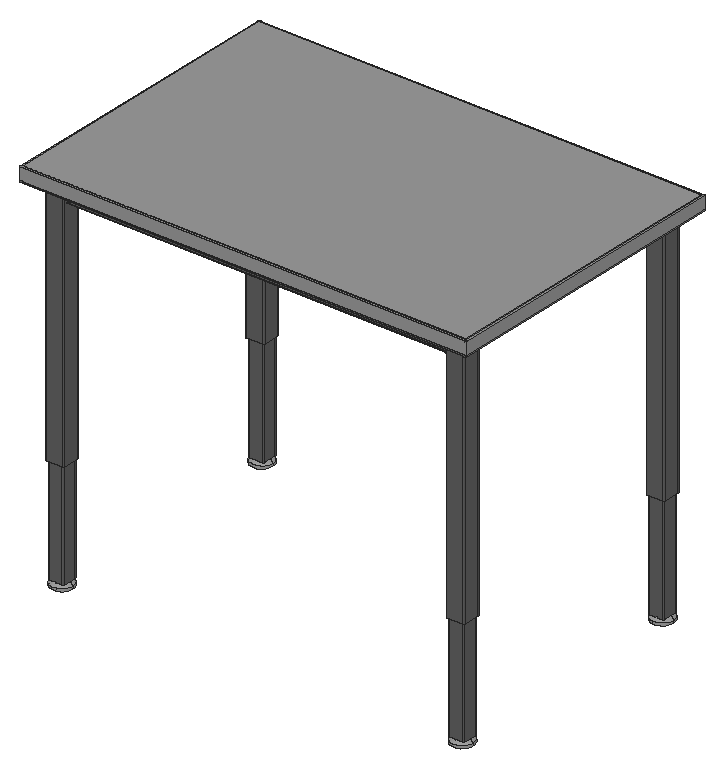
Revit family "Tutor 3624 - Adjustable", category Generic Models, Revit 2018
Family settings
  Can host rebar = No
  Round Connector Dimension = Use Diameter
  Part Type = Normal
  Work Plane-Based = No
  Always vertical = Yes
  Cut with Voids When Loaded = No
  Shared = No
  Room Calculation Point = No
Parameters
  Table Height = 2' - 5"
  Surface = Tutor 3624A Surface
  Frame Finish = Tutor Frame Charcoal
  Edgeband = Tutor 3624A Edgeband
Reference planes (in)
  plane 1 "Center (Front/Back)": y = 0
  plane 2: z = 0
  plane 3 "Center (Left/Right)": x = 0
  plane 4: z = 29
Forms (in)
  Extrusion 1, solid, material "Tutor Frame Charcoal" <- "Frame Finish"
    sketch origin (0, 0, 0) x (1, 0, 0) y (0, 1, 0)
      loop
        arc (-16.51562, 10.625) -> (-16.59296, 10.59296) -> (-16.625, 10.51562) r 0.10937
        line (-16.625, 10.51562) -> (-16.625, 9.48437)
        arc (-16.625, 9.48437) -> (-16.59296, 9.40704) -> (-16.51562, 9.375) r 0.10938
        line (-16.51562, 9.375) -> (-15.48437, 9.375)
        arc (-15.48437, 9.375) -> (-15.40704, 9.40704) -> (-15.375, 9.48437) r 0.10938
        line (-15.375, 9.48437) -> (-15.375, 10.51562)
        arc (-15.375, 10.51562) -> (-15.40704, 10.59296) -> (-15.48437, 10.625) r 0.10938
        line (-15.48437, 10.625) -> (-16.51562, 10.625)
      loop
        line (-16.51562, -10.625) -> (-15.48437, -10.625)
        arc (-15.48437, -10.625) -> (-15.40704, -10.59296) -> (-15.375, -10.51562) r 0.10938
        line (-15.375, -10.51562) -> (-15.375, -9.48437)
        arc (-15.375, -9.48437) -> (-15.40704, -9.40704) -> (-15.48437, -9.375) r 0.10938
        line (-15.48437, -9.375) -> (-16.51562, -9.375)
        arc (-16.51562, -9.375) -> (-16.59296, -9.40704) -> (-16.625, -9.48437) r 0.10938
        line (-16.625, -9.48437) -> (-16.625, -10.51562)
        arc (-16.625, -10.51562) -> (-16.59296, -10.59296) -> (-16.51562, -10.625) r 0.10937
      loop
        line (16.51562, 10.625) -> (15.48437, 10.625)
        arc (15.48437, 10.625) -> (15.40704, 10.59296) -> (15.375, 10.51562) r 0.10938
        line (15.375, 10.51562) -> (15.375, 9.48437)
        arc (15.375, 9.48437) -> (15.40704, 9.40704) -> (15.48437, 9.375) r 0.10938
        line (15.48437, 9.375) -> (16.51562, 9.375)
        arc (16.51562, 9.375) -> (16.59296, 9.40704) -> (16.625, 9.48437) r 0.10938
        line (16.625, 9.48437) -> (16.625, 10.51562)
        arc (16.625, 10.51562) -> (16.59296, 10.59296) -> (16.51562, 10.625) r 0.10937
      loop
        arc (16.51562, -10.625) -> (16.59296, -10.59296) -> (16.625, -10.51562) r 0.10937
        line (16.625, -10.51562) -> (16.625, -9.48437)
        arc (16.625, -9.48437) -> (16.59296, -9.40704) -> (16.51562, -9.375) r 0.10938
        line (16.51562, -9.375) -> (15.48437, -9.375)
        arc (15.48437, -9.375) -> (15.40704, -9.40704) -> (15.375, -9.48437) r 0.10938
        line (15.375, -9.48437) -> (15.375, -10.51562)
        arc (15.375, -10.51562) -> (15.40704, -10.59296) -> (15.48437, -10.625) r 0.10938
        line (15.48437, -10.625) -> (16.51562, -10.625)
    from 0.41992 to 19.41992
  Revolve 2, solid, material "Tutor Glides"
    sketch origin (12, -10, 0) x (1, 0, 0) y (0, 0, 1)
      loop
        line (-28, 0.41992) -> (-28, 0) -> (-27.12763, 0) -> (-27.12763, 0.17255) -> (-27.375, 0.41992) -> (-28, 0.41992)
      axis (-28, 0.41992) -> (-28, 0)
    angle from 0 to 360
  Revolve 3, solid, material "Tutor Glides"
    sketch origin (12, 10, 0) x (1, 0, 0) y (0, 0, -1)
      loop
        line (-28, -0.41992) -> (-27.375, -0.41992) -> (-27.12763, -0.17255) -> (-27.12763, 0) -> (-28, 0) -> (-28, -0.41992)
      axis (-28, -0.41992) -> (-28, 0)
    angle from 0 to 360
  Revolve 4, solid, material "Tutor Glides"
    sketch origin (-12, 10, 0) x (-1, 0, 0) y (0, 0, 1)
      loop
        line (-28, 0.41992) -> (-28, 0) -> (-27.12763, 0) -> (-27.12763, 0.17255) -> (-27.375, 0.41992) -> (-28, 0.41992)
      axis (-28, 0.41992) -> (-28, 0)
    angle from 0 to 360
  Revolve 5, solid, material "Tutor Glides"
    sketch origin (-12, -10, 0) x (-1, 0, 0) y (0, 0, -1)
      loop
        line (-28, -0.41992) -> (-27.375, -0.41992) -> (-27.12763, -0.17255) -> (-27.12763, 0) -> (-28, 0) -> (-28, -0.41992)
      axis (-28, -0.41992) -> (-28, 0)
    angle from 0 to 360
Dimensions and locks (in)
  "Table Height": plane 4 to level
  aligned and locked: plane 2 to level
  aligned and locked: nested 1 to plane 4
Automatic sketch dimensions
  Extrusion 1 sketch curve to plane 1 "Center (Front/Back)" = 0' - 9 31/64"
  Extrusion 1 sketch curve to plane 3 "Center (Left/Right)" = 1' - 4 5/8"
  plane 1 "Center (Front/Back)" to Extrusion 1 sketch curve = 0' - 10 33/64"
  Extrusion 1 sketch curve to Extrusion 1 sketch curve = 0' - 0"  (x3)
  Extrusion 1 sketch curve to Extrusion 1 sketch curve = 0' - 0 7/64"  (x12)
  Extrusion 1 sketch curve to Extrusion 1 sketch curve = 0' - 1 1/32"  (x10)
  plane 1 "Center (Front/Back)" to Extrusion 1 sketch curve = 0' - 9 31/64"
  plane 3 "Center (Left/Right)" to Extrusion 1 sketch curve = 1' - 3 3/8"
  Extrusion 1 sketch curve to Extrusion 1 sketch curve = 0' - 1 9/64"
  Extrusion 1 sketch curve to plane 1 "Center (Front/Back)" = 0' - 9 3/8"
  Revolve 2 sketch curve to level = 0' - 0"
  level to Revolve 2 sketch curve = 0' - 0.41992"
  Revolve 2 sketch curve to plane 3 "Center (Left/Right)" = 1' - 4"
  Revolve 2 sketch curve to Revolve 2 sketch curve = 0' - 0 5/8"
  Revolve 2 sketch curve to Revolve 2 sketch curve = 0' - 0.24737"
  Revolve 2 sketch curve to Revolve 2 sketch curve = 0' - 0.17255"
  Revolve 2 sketch curve to Revolve 2 sketch curve = 0' - 0"  (x2)
  Revolve 2 sketch curve to level = 0' - 0.33008"
  Revolve 3 sketch curve to level = 0' - 0"
  level to Revolve 3 sketch curve = 0' - 0.41992"
  Revolve 3 sketch curve to plane 3 "Center (Left/Right)" = 1' - 4"
  Revolve 3 sketch curve to Revolve 3 sketch curve = 0' - 0 5/8"
  Revolve 3 sketch curve to Revolve 3 sketch curve = 0' - 0.24737"
  Revolve 3 sketch curve to Revolve 3 sketch curve = 0' - 0.17255"
  Revolve 3 sketch curve to Revolve 3 sketch curve = 0' - 0"  (x2)
  Revolve 3 sketch curve to level = 0' - 0.33008"
  Revolve 4 sketch curve to level = 0' - 0"
  level to Revolve 4 sketch curve = 0' - 0.41992"
  plane 3 "Center (Left/Right)" to Revolve 4 sketch curve = 1' - 4"
  Revolve 4 sketch curve to Revolve 4 sketch curve = 0' - 0 5/8"
  Revolve 4 sketch curve to Revolve 4 sketch curve = 0' - 0.24737"
  Revolve 4 sketch curve to Revolve 4 sketch curve = 0' - 0.17255"
  Revolve 4 sketch curve to Revolve 4 sketch curve = 0' - 0"  (x2)
  Revolve 4 sketch curve to level = 0' - 0.33008"
  Revolve 5 sketch curve to level = 0' - 0"
  level to Revolve 5 sketch curve = 0' - 0.41992"
  plane 3 "Center (Left/Right)" to Revolve 5 sketch curve = 1' - 4"
  Revolve 5 sketch curve to Revolve 5 sketch curve = 0' - 0 5/8"
  Revolve 5 sketch curve to Revolve 5 sketch curve = 0' - 0.24737"
  Revolve 5 sketch curve to Revolve 5 sketch curve = 0' - 0.17255"
  Revolve 5 sketch curve to Revolve 5 sketch curve = 0' - 0"  (x2)
  Revolve 5 sketch curve to level = 0' - 0.33008"
Nested families (in)
  nested 1: "Tutor 3624A Top" at (0, 0, -6.54492), type "Tutor 3624A Top"
Definition of nested family "Tutor 3624A Top"
  Parameters (values of type "Tutor 3624A Top")
    Surface = none
    Frame Finish = none
    Edgeband = none
  Reference planes (in)
    plane 1 "Center (Front/Back)": y = 0
    plane 2: z = 0
    plane 3 "Center (Left/Right)": x = 0
  Forms (in)
    Extrusion 1, solid, material <- "Frame Finish"
      sketch origin (0, 0, 0) x (1, 0, 0) y (0, 0, 1)
        loop
          arc (-15.35, 34.29492) -> (-15.27929, 34.32421) -> (-15.25, 34.39492) r 0.1
          line (-15.25, 34.39492) -> (-15.25, 35.44492)
          arc (-15.25, 35.44492) -> (-15.27929, 35.51563) -> (-15.35, 35.54492) r 0.1
          line (-15.35, 35.54492) -> (-16.4, 35.54492)
          arc (-16.4, 35.54492) -> (-16.47071, 35.51563) -> (-16.5, 35.44492) r 0.1
          line (-16.5, 35.44492) -> (-16.5, 34.39492)
          arc (-16.5, 34.39492) -> (-16.47071, 34.32421) -> (-16.4, 34.29492) r 0.1
          line (-16.4, 34.29492) -> (-15.35, 34.29492)
        loop
          line (15.35, 34.29492) -> (16.4, 34.29492)
          arc (16.4, 34.29492) -> (16.47071, 34.32421) -> (16.5, 34.39492) r 0.1
          line (16.5, 34.39492) -> (16.5, 35.44492)
          arc (16.5, 35.44492) -> (16.47071, 35.51563) -> (16.4, 35.54492) r 0.1
          line (16.4, 35.54492) -> (15.35, 35.54492)
          arc (15.35, 35.54492) -> (15.27929, 35.51563) -> (15.25, 35.44492) r 0.1
          line (15.25, 35.44492) -> (15.25, 34.39492)
          arc (15.25, 34.39492) -> (15.27929, 34.32421) -> (15.35, 34.29492) r 0.1
      from -9.25 to 9.25
    Extrusion 2, solid, material <- "Frame Finish"
      sketch origin (0, 0, 0) x (0, 1, 0) y (0, 0, 1)
        loop
          arc (10.4, 34.29492) -> (10.47071, 34.32421) -> (10.5, 34.39492) r 0.1
          line (10.5, 34.39492) -> (10.5, 35.44492)
          arc (10.5, 35.44492) -> (10.47071, 35.51563) -> (10.4, 35.54492) r 0.1
          line (10.4, 35.54492) -> (9.35, 35.54492)
          arc (9.35, 35.54492) -> (9.27929, 35.51563) -> (9.25, 35.44492) r 0.1
          line (9.25, 35.44492) -> (9.25, 34.39492)
          arc (9.25, 34.39492) -> (9.27929, 34.32421) -> (9.35, 34.29492) r 0.1
          line (9.35, 34.29492) -> (10.4, 34.29492)
        loop
          line (-10.4, 34.29492) -> (-9.35, 34.29492)
          arc (-9.35, 34.29492) -> (-9.27929, 34.32421) -> (-9.25, 34.39492) r 0.1
          line (-9.25, 34.39492) -> (-9.25, 35.44492)
          arc (-9.25, 35.44492) -> (-9.27929, 35.51563) -> (-9.35, 35.54492) r 0.1
          line (-9.35, 35.54492) -> (-10.4, 35.54492)
          arc (-10.4, 35.54492) -> (-10.47071, 35.51563) -> (-10.5, 35.44492) r 0.1
          line (-10.5, 35.44492) -> (-10.5, 34.39492)
          arc (-10.5, 34.39492) -> (-10.47071, 34.32421) -> (-10.4, 34.29492) r 0.1
      from -15.25 to 15.25
    Extrusion 3, solid, material <- "Surface"
      sketch origin (0, 0, 0) x (1, 0, 0) y (0, 1, 0)
        loop
          line (17.73189, 11.79339) -> (-17.73189, 11.79339) -> (-17.73189, -11.79339) -> (17.73189, -11.79339) -> (17.73189, 11.79339)
      from 35.54492 to 36.74492
    Sweep 4, solid, material <- "Edgeband"
      path origin (0, 0, 0) x (1, 0, 0) y (0, 1, 0)
        loop
          line (17.73189, 11.79339) -> (-17.73189, 11.79339) -> (-17.73189, -11.79339) -> (17.73189, -11.79339) -> (17.73189, 11.79339)
      profile origin (0, 11.79339, 0) x (0, -1, 0) y (0, 0, 1)
        loop
          arc (0, 36.74492) -> (-0.08352, 36.71033) -> (-0.11811, 36.62681) r 0.11811
          line (-0.11811, 36.62681) -> (-0.11811, 35.66303)
          arc (-0.11811, 35.66303) -> (-0.08352, 35.57952) -> (0, 35.54492) r 0.11811
          line (0, 35.54492) -> (0, 36.74492)
    Extrusion 5, solid, material <- "Frame Finish"
      sketch origin (0, 0, 0) x (1, 0, 0) y (0, 1, 0)
        loop
          arc (15.375, 10.75) -> (15.28661, 10.71339) -> (15.25, 10.625) r 0.125
          line (15.25, 10.625) -> (15.25, 9.375)
          arc (15.25, 9.375) -> (15.28661, 9.28661) -> (15.375, 9.25) r 0.125
          line (15.375, 9.25) -> (16.625, 9.25)
          arc (16.625, 9.25) -> (16.71339, 9.28661) -> (16.75, 9.375) r 0.125
          line (16.75, 9.375) -> (16.75, 10.625)
          arc (16.75, 10.625) -> (16.71339, 10.71339) -> (16.625, 10.75) r 0.125
          line (16.625, 10.75) -> (15.375, 10.75)
        loop
          line (15.375, -10.75) -> (16.625, -10.75)
          arc (16.625, -10.75) -> (16.71339, -10.71339) -> (16.75, -10.625) r 0.125
          line (16.75, -10.625) -> (16.75, -9.375)
          arc (16.75, -9.375) -> (16.71339, -9.28661) -> (16.625, -9.25) r 0.125
          line (16.625, -9.25) -> (15.375, -9.25)
          arc (15.375, -9.25) -> (15.28661, -9.28661) -> (15.25, -9.375) r 0.125
          line (15.25, -9.375) -> (15.25, -10.625)
          arc (15.25, -10.625) -> (15.28661, -10.71339) -> (15.375, -10.75) r 0.125
        loop
          line (-15.375, 10.75) -> (-16.625, 10.75)
          arc (-16.625, 10.75) -> (-16.71339, 10.71339) -> (-16.75, 10.625) r 0.125
          line (-16.75, 10.625) -> (-16.75, 9.375)
          arc (-16.75, 9.375) -> (-16.71339, 9.28661) -> (-16.625, 9.25) r 0.125
          line (-16.625, 9.25) -> (-15.375, 9.25)
          arc (-15.375, 9.25) -> (-15.28661, 9.28661) -> (-15.25, 9.375) r 0.125
          line (-15.25, 9.375) -> (-15.25, 10.625)
          arc (-15.25, 10.625) -> (-15.28661, 10.71339) -> (-15.375, 10.75) r 0.125
        loop
          arc (-15.375, -10.75) -> (-15.28661, -10.71339) -> (-15.25, -10.625) r 0.125
          line (-15.25, -10.625) -> (-15.25, -9.375)
          arc (-15.25, -9.375) -> (-15.28661, -9.28661) -> (-15.375, -9.25) r 0.125
          line (-15.375, -9.25) -> (-16.625, -9.25)
          arc (-16.625, -9.25) -> (-16.71339, -9.28661) -> (-16.75, -9.375) r 0.125
          line (-16.75, -9.375) -> (-16.75, -10.625)
          arc (-16.75, -10.625) -> (-16.71339, -10.71339) -> (-16.625, -10.75) r 0.125
          line (-16.625, -10.75) -> (-15.375, -10.75)
      from 15.54492 to 35.54492
  Dimensions and locks (in)
    aligned and locked: plane 2 to level
